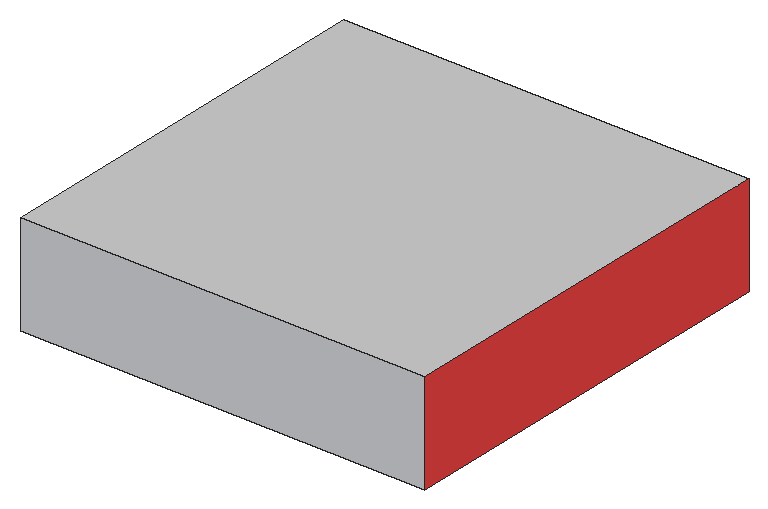
Revit family "GRIFO DE BIDET KARIM DUE sin desagüe automático", category Aparatos sanitarios, Revit 2015
Parameters (values of type "88947000")
  URL = "http://www.griferiasgalindo.com/bidet/karim-due/grifo-de-bidet-karim-due?c=es"
  Teléfono = "(+34) 915 782 575"
  TIPO DE AGUA = "Fria/Caliente"
  REFERENCIA = "88947000"
  Presión Máxima = "5 bar"
  PESO BRUTO = ""
  Modelo = "KARIM DUE"
  Material = LATON CROMADO
  Imagen de tipo = <Ninguno>
  Fabricante = "PRESTO IBÉRICA"
  Default Elevation = 1219.2 mm
  ENTRADA = "Con latiguillos flexibles de 3/8”"
  Descripción = "Grifo monomando de bidet. Esta serie de diseño tubular con cuerpo consistente y ergonomía funcional, proporciona una mezcla de estética sencilla y funcionalidad apta para todo tipo de usuarios y ambientes de baño. KARIM aporta el sistema de ahorro de agua Flowing Ecosystem con sistema de doble posición de maneta que permite ahorrar hasta un 50 % de agua. Estético, moderno, funcional y ecológico, así es KARIM DUE."
  Código de montaje = "C1030220"
  Contacto = "info@prestoiberica.com"
  Conexión AF = yes
  Conexión AC = yes
  Comentarios de tipo = "◦Grifo monomando de bidet ecológico\r\n◦Acabado Cromo\r\n◦Disponible: sin o con Desagüe automático\r\n◦Cartucho con discos cerámicos de diámetro 40 mm\r\n◦Tubos de alimentación flexibles 3/8\" y longitud 45 cm"
  CIERRE = ""
  CAUDAL = "8,5 l/min a 3 bar"
  Accionamiento = "Por maneta"
Reference planes
  plane 1 "Centro (Frontal/Posterior)": y = 0
  plane 2: z = 0
  plane 3 "Centro (Izquierda/Derecha)": x = 0
Forms (mm)
  Extrusion 1, solid
    sketch origin (0, 0, 0) x (1, 0, 0) y (0, 1, 0)
      loop
        line (-100, 100) -> (-100, -100) -> (100, -100) -> (100, 100) -> (-100, 100)
    from 0 to -50
Dimensions and locks
  Extrusion 1 sketch curve to plane 1 "Centro (Frontal/Posterior)" = 100 mm
  aligned and locked: plane 2 to Extrusion 1
  aligned and locked: level to Extrusion 1
Connectors
  piping at (0, 0, 0), diameter 9.5
    settings: on import instance, index 1, connector inside diameter 609.6 mm, connector length 0 mm, flow factor 0, pipe flow 0.0 L/s, pressure drop 0.0 Pa, fitting loss kfactor 0, connector angle 0.00°, fixture units 0, engagement length 0 mm, angle of deflection 0.00°, flow configuration 0, flow direction 1, fitting loss method 0, system type 7, joint type 0, gender type 0, connector reference index -1, connector utility 0, adjustable connector no, is connector primary yes, connector description ""
